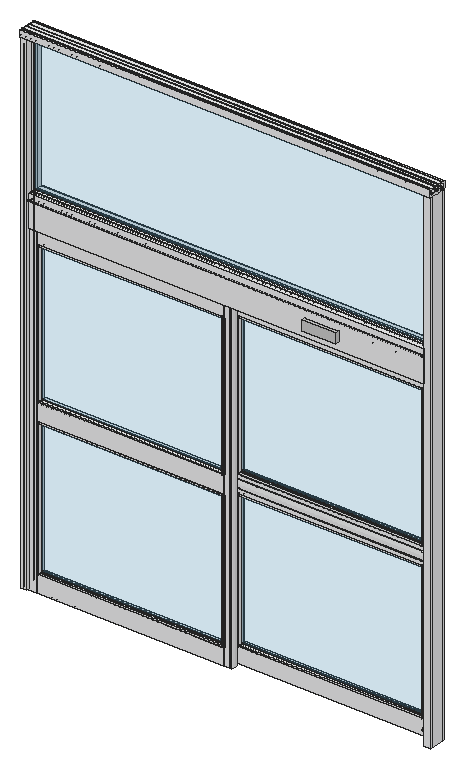
Revit family "2-5-7_Sliding-Door_TX9200SL_Single-RH-Outside-Slide-w-Transom-SX-O-w-Elec-Lock-Flush-Mnt-Exit-Panic-HW_Tormax", category Doors, host Wall, Revit 2026
Family settings
  Host = Wall
  Classification Number = 23.30.10.00
  Always vertical = Yes
  Cut with Voids When Loaded = No
  Shared = No
  Room Calculation Point = No
Parameters (values of type "9'-0" Package Width")
  Width = 9' - 0"
  URL = "https://www.tormaxusa.com"
  Thickness = 0' - 4 1/2"  # constant formula
  Specification = "https://www.arcat.com/company/tormax-usa-inc-43969/spec"
  Rough Width = Width + 0' 0 1/2"  # 9' - 0 1/2"
  Rough Height = Height + 0' 0 1/4"  # 11' - 0 1/4"
  Product Page URL = "https://www.arcat.com/arcatcos/cos43/arc43969.html"
  Model = "TX9200SL"
  Manufacturer = "Tormax"
  Keynote = "08 42 29"
  Height = 11' - 0"  # constant formula
  Glass = Glass - Tormax
  Frame Projection Ext. = 0' - 0"
  Frame Projection Int. = 0' - 0"
  Frame Width = 0' - 0"
  Wall Closure = By host
  Door Width = Width / 2 - 0' 1 3/4" + 0' 1 5/16"  # 4' - 5 9/16"
  Door Height = Height  # 11' - 0"
  Frame Material = Aluminum - Tormax
  Description = "Single RH Outside Slide Application w/ Transom (SX-O) w/ Electric Lock & Flush Mount Exit Panic HW, 9'-0\" Package Width"
  Define Thermal Properties by = Schematic Type
  Copyright = "ARCAT"
  CAD Details = "https://www.arcat.com/company/tormax-usa-inc-43969/cad"
  Analytic Construction = "<None>"
Reference planes (in)
  plane 1 "Center (Front/Back)": y = 0
  plane 2 "Center (Left/Right)": x = 0
  plane 3 "Left": x = -54.25
  plane 4 "Right": x = 54.25
  plane 5 "Top": z = 132.25
  plane 6 "Exterior": y = 3
  plane 7 "Interior": y = -3
  plane 8: x = -1.3125
  plane 9: x = 1.3125
  plane 10: y = -2.25
  plane 11 "4": z = 85.5
  plane 12: x = -54
  plane 13: x = 54
  plane 14: z = 132
  plane 15: y = 2.25
  plane 16: x = -52.24908
  plane 17: x = 52.24908
  plane 18: y = 1.433
  plane 19: y = -0.84
  plane 20: x = 25.46829
  plane 21: z = 92
  plane 22: z = 130.1875
Forms (in)
  Extrusion 1, solid, material "Plastic - Tormax - Grey"
    sketch origin (0, 0, 0) x (1, 0, 0) y (0, 0, 1)
      loop
        line (20.96829, 90.055) -> (20.96829, 87.445) -> (29.96829, 87.445) -> (29.96829, 90.055) -> (20.96829, 90.055)
    from 2.23457 to 3.23457
  Extrusion 2, solid, material "Plastic - Tormax - Grey"
    sketch origin (0, 0, 0) x (1, 0, 0) y (0, 0, 1)
      loop
        line (20.96829, 90.055) -> (20.96829, 87.445) -> (29.96829, 87.445) -> (29.96829, 90.055) -> (20.96829, 90.055)
    from -3.23036 to -2.23036
  Sweep 3, solid, material "Aluminum - Tormax" <- "Frame Material"
    path origin (0, 0, 0) x (1, 0, 0) y (0, 0, 1)
      loop
        line (-52.24908, 85.5) -> (52.24908, 85.5)
    profile origin (0, 0, 85.5) x (0, 0, 1) y (0, -1, 0)
      loop
        line (5.77619, -2.07466) -> (5.99221, -2.07466) -> (5.99221, -1.99751) -> (5.93513, -1.99751)
        arc (5.93513, -1.99751) -> (5.89217, -1.97971) -> (5.87438, -1.93675) r 0.06075
        line (5.87438, -1.93675) -> (5.87438, -1.35631) -> (6.14932, -1.35631) -> (6.14932, -1.4827) -> (6.22817, -1.4827)
        arc (6.22817, -1.4827) -> (6.39719, -1.79317) -> (6.34244, -2.14241) r 0.55026
        line (6.34244, -2.14241) -> (6.29099, -2.1562) -> (6.29099, -1.87738) -> (5.93246, -1.87738)
        arc (5.93246, -1.87738) -> (5.88314, -1.9267) -> (5.93246, -1.97602) r 0.04932
        line (5.93246, -1.97602) -> (6.03008, -1.97602) -> (6.03008, -2.10552) -> (0.40539, -2.10552) -> (0.40539, -1.68048) -> (0.28141, -1.68048) -> (0.28141, -2.23036) -> (6.5, -2.23036) -> (6.5, 1.72592) -> (6.37515, 1.85076) -> (6.37515, 2.08622)
        arc (6.37515, 2.08622) -> (6.39129, 2.10725) -> (6.41577, 2.09711) r 0.02177
        line (6.41577, 2.09711) -> (6.47243, 1.99896)
        arc (6.47243, 1.99896) -> (6.48905, 1.99208) -> (6.5, 2.00635) r 0.01477
        line (6.5, 2.00635) -> (6.5, 2.23457) -> (0, 2.23457) -> (0, -0.04489) -> (-0.21462, -0.04489) -> (-0.21462, -0.08837) -> (-0.15431, -0.08837) -> (-0.15431, -0.15851) -> (-0.48395, -0.15851) -> (-0.48395, -0.08837) -> (-0.42504, -0.08837) -> (-0.42504, -0.04489) -> (-0.62422, -0.04489) -> (-0.62422, -0.45028) -> (-0.42504, -0.45028) -> (-0.42504, -0.4068) -> (-0.48395, -0.4068) -> (-0.48395, -0.33666) -> (-0.15431, -0.33666) -> (-0.15431, -0.4068) -> (-0.21462, -0.4068) -> (-0.21462, -0.45028) -> (-0.01964, -0.45028) -> (-0.01964, -0.28897) -> (0.23145, -0.28897) -> (0.23145, -0.84785) -> (0.34867, -1.03258)
        arc (0.34867, -1.03258) -> (0.36443, -1.03854) -> (0.37455, -1.02507) r 0.01403
        line (0.37455, -1.02507) -> (0.37455, -0.21669)
        arc (0.37455, -0.21669) -> (0.40392, -0.14579) -> (0.47481, -0.11643) r 0.10026
        line (0.47481, -0.11643) -> (0.59196, -0.11643) -> (0.59196, -0.23145) -> (0.89635, -0.23145) -> (0.89635, -0.1529) -> (0.76309, -0.1529) -> (0.76309, -0.01262) -> (0.8697, -0.01262) -> (0.8697, 0.06867) -> (1.19934, 0.06867) -> (1.19934, -0.01262) -> (1.30595, -0.01262) -> (1.30595, -0.1529) -> (1.17269, -0.1529) -> (1.17269, -0.23145) -> (1.36206, -0.23145) -> (1.43332, -0.07864)
        arc (1.43332, -0.07864) -> (1.6158, 0.06179) -> (1.83569, -0.00654) r 0.25
        line (1.83569, -0.00654) -> (1.96422, -0.13365)
        arc (1.96422, -0.13365) -> (1.99627, -0.15695) -> (2.0338, -0.16963) r 0.13141
        line (2.0338, -0.16963) -> (2.11423, -0.18382)
        arc (2.11423, -0.18382) -> (2.2005, -0.23362) -> (2.23457, -0.32723) r 0.14562
        line (2.23457, -0.32723) -> (2.23457, -0.9202) -> (2.38466, -0.9202) -> (2.38466, 0.06733) -> (2.28156, 0.17043) -> (2.22615, 0.11502) -> (2.32086, 0.02032) -> (2.22127, -0.07928) -> (2.14619, -0.00421) -> (2.08868, -0.06172) -> (1.85512, 0.17184) -> (1.91264, 0.22935) -> (1.83689, 0.3051) -> (1.93648, 0.40469) -> (2.03117, 0.31001) -> (2.08658, 0.36541) -> (1.83128, 0.62071) -> (1.9456, 0.73504) -> (1.9456, 1.35354) -> (1.75483, 1.53331) -> (1.75483, 2.06344) -> (5.84651, 2.06344)
        arc (5.84651, 2.06344) -> (5.93664, 2.02611) -> (5.97397, 1.93598) r 0.12746
        line (5.97397, 1.93598) -> (5.97397, 1.7394) -> (6.05393, 1.7394) -> (6.05393, 1.87407) -> (6.1928, 1.87407) -> (6.1928, 1.76475) -> (6.24189, 1.76475) -> (6.24189, 1.43623) -> (6.1928, 1.43623) -> (6.1928, 1.3298) -> (6.05393, 1.3298) -> (6.05393, 1.46306) -> (5.97397, 1.46306) -> (5.97397, 1.25125) -> (6.27276, 1.25125) -> (6.27276, 1.32981)
        arc (6.27276, 1.32981) -> (6.30151, 1.35856) -> (6.33027, 1.32981) r 0.02876
        line (6.33027, 1.32981) -> (6.33027, 0.99434)
        arc (6.33027, 0.99434) -> (6.30151, 0.96559) -> (6.27276, 0.99434) r 0.02876
        line (6.27276, 0.99434) -> (6.27276, 1.0731) -> (5.97397, 1.0731) -> (5.97397, 0.85988) -> (6.05393, 0.85988) -> (6.05393, 0.99314) -> (6.1928, 0.99314) -> (6.1928, 0.88653) -> (6.33027, 0.88653) -> (6.33027, 0.55689) -> (6.1928, 0.55689) -> (6.1928, 0.45028) -> (6.05393, 0.45028) -> (6.05393, 0.58354) -> (5.97397, 0.58354) -> (5.97397, 0.37032) -> (6.27276, 0.37032) -> (6.27276, 0.44908)
        arc (6.27276, 0.44908) -> (6.30151, 0.47783) -> (6.33027, 0.44908) r 0.02876
        line (6.33027, 0.44908) -> (6.33027, 0.11503)
        arc (6.33027, 0.11503) -> (6.30151, 0.08627) -> (6.27276, 0.11503) r 0.02876
        line (6.27276, 0.11503) -> (6.27276, 0.19378) -> (5.97397, 0.19378) -> (5.97397, -0.01944) -> (6.05393, -0.01944) -> (6.05393, 0.11382) -> (6.1928, 0.11382) -> (6.1928, 0.00721) -> (6.33027, 0.00721) -> (6.33027, -0.32403) -> (6.1928, -0.32403) -> (6.1928, -0.42995) -> (6.05393, -0.42995) -> (6.05393, -0.29669) -> (5.97397, -0.29669) -> (5.97397, -0.53164) -> (6.03429, -0.53164) -> (6.03429, -0.64246) -> (6.11284, -0.64246) -> (6.11284, -0.53164) -> (6.25171, -0.53164) -> (6.25171, -1.15867) -> (6.06795, -1.15867) -> (6.03942, -1.11939) -> (5.97397, -1.11939) -> (5.97397, -1.1664)
        arc (5.97397, -1.1664) -> (5.95775, -1.20557) -> (5.91858, -1.22179) r 0.05539
        line (5.91858, -1.22179) -> (5.77619, -1.22179) -> (5.77619, -2.07466)
      loop
        line (0.07995, 1.86565) -> (0.07995, 0.39978) -> (0.26091, 0.39978) -> (0.26091, 0.28335) -> (0.3058, 0.2539) -> (0.3058, 0.03421) -> (0.47711, 0.03365) -> (0.7408, 0.21838) -> (1.4982, 0.21838) -> (1.69036, 0.25479) -> (1.69036, 0.66367) -> (1.33962, 0.66367) -> (1.33962, 0.89776) -> (1.41957, 0.89776) -> (1.41957, 0.76309) -> (1.55985, 0.76309) -> (1.55985, 0.8711) -> (1.75062, 0.8711) -> (1.75062, 1.20075) -> (1.55985, 1.20075) -> (1.55985, 1.30735) -> (1.41957, 1.30735) -> (1.41957, 1.17409) -> (1.33962, 1.17409) -> (1.33962, 1.38773) -> (1.5851, 1.38773) -> (1.5851, 2.06344) -> (0.30619, 2.06344) -> (0.30619, 1.97106) -> (0.26091, 1.94734) -> (0.26091, 1.86565) -> (0.07995, 1.86565)
      loop
        line (0, -2.10973) -> (0, -1.55985) -> (2.37204, -1.55985)
        arc (2.37204, -1.55985) -> (2.41952, -1.67959) -> (2.53701, -1.73239) r 0.17128
        line (2.53701, -1.73239) -> (2.78024, -1.73239) -> (2.78024, -1.49813) -> (2.70028, -1.49813) -> (2.70028, -1.63279) -> (2.56141, -1.63279) -> (2.56141, -1.52478) -> (2.46883, -1.52478) -> (2.46883, -1.19514) -> (2.56141, -1.19514) -> (2.56141, -1.08853) -> (2.70028, -1.08853) -> (2.70028, -1.22179) -> (2.78024, -1.22179) -> (2.78024, -0.98753) -> (2.53714, -0.98753)
        arc (2.53714, -0.98753) -> (2.41956, -1.04028) -> (2.37204, -1.16007) r 0.17128
        line (2.37204, -1.16007) -> (0, -1.16007) -> (0, -0.61019) -> (-0.98473, -0.61019) -> (-0.98473, -1.53213)
        arc (-0.98473, -1.53213) -> (-0.9181, -1.59876) -> (-0.85147, -1.53213) r 0.06663
        line (-0.85147, -1.53213) -> (-0.85147, -1.2004)
        arc (-0.85147, -1.2004) -> (-0.77362, -1.12255) -> (-0.69577, -1.2004) r 0.07785
        line (-0.69577, -1.2004) -> (-0.69577, -1.68329) -> (-0.67052, -1.92596) -> (-0.67052, -2.10973) -> (0, -2.10973)
  Sweep 4, solid, material "Aluminum - Tormax" <- "Frame Material"
    path origin (0, 0, 0) x (1, 0, 0) y (0, 0, 1)
      loop
        line (-54, 130.1875) -> (-54, 0)
    profile origin (-54, 0, 65.09375) x (0, -1, 0) y (1, 0, 0)
      loop
        line (-2.25, 0) -> (-1.81515, 0) -> (-1.81515, 0.11322) -> (-1.69933, 0.11322)
        arc (-1.69933, 0.11322) -> (-1.69067, 0.15137) -> (-1.70596, 0.18738) r 0.06366
        line (-1.70596, 0.18738) -> (-1.81808, 0.18738)
        arc (-1.81808, 0.18738) -> (-1.86945, 0.1699) -> (-1.89951, 0.12472) r 0.08425
        line (-1.89951, 0.12472) -> (-2.12383, 0.12472) -> (-2.12383, 1.62444) -> (-1.01125, 1.62444)
        arc (-1.01125, 1.62444) -> (-0.97854, 1.4893) -> (-0.88136, 1.38986) r 0.2623
        line (-0.88136, 1.38986) -> (-0.88136, 0.87481)
        arc (-0.88136, 0.87481) -> (-0.81729, 0.72014) -> (-0.66261, 0.65607) r 0.21875
        line (-0.66261, 0.65607) -> (0.66817, 0.65607)
        arc (0.66817, 0.65607) -> (0.82039, 0.71912) -> (0.88344, 0.87134) r 0.21527
        line (0.88344, 0.87134) -> (0.88344, 1.39109)
        arc (0.88344, 1.39109) -> (0.97912, 1.49036) -> (1.01125, 1.62444) r 0.2623
        line (1.01125, 1.62444) -> (2.12383, 1.62444) -> (2.12383, 0.12472) -> (1.89951, 0.12472)
        arc (1.89951, 0.12472) -> (1.86945, 0.1699) -> (1.81808, 0.18738) r 0.08425
        line (1.81808, 0.18738) -> (1.71377, 0.18738)
        arc (1.71377, 0.18738) -> (1.69848, 0.15137) -> (1.70714, 0.11322) r 0.06366
        line (1.70714, 0.11322) -> (1.80734, 0.11322) -> (1.80734, 0) -> (2.25, 0) -> (2.25, 1.75092) -> (0.85905, 1.75092) -> (0.85905, 1.49159) -> (0.72205, 1.49159) -> (0.72205, 1.6564) -> (0.66591, 1.6564) -> (0.66591, 1.42631) -> (0.75855, 1.42631) -> (0.75855, 0.87892)
        arc (0.75855, 0.87892) -> (0.72992, 0.80981) -> (0.6608, 0.78118) r 0.09775
        line (0.6608, 0.78118) -> (-0.65544, 0.78118)
        arc (-0.65544, 0.78118) -> (-0.72688, 0.81077) -> (-0.75647, 0.88221) r 0.10104
        line (-0.75647, 0.88221) -> (-0.75647, 1.42631) -> (-0.65809, 1.42631) -> (-0.65809, 1.65835) -> (-0.72205, 1.65835) -> (-0.72205, 1.49159) -> (-0.85868, 1.49159) -> (-0.85868, 1.75092) -> (-2.25, 1.75092) -> (-2.25, 0)
      loop
        line (-1.77192, 0) -> (1.76565, 0) -> (1.76565, 0.07235) -> (1.60504, 0.07235) -> (1.60504, 0.18932) -> (1.6607, 0.18932) -> (1.59241, 0.37695)
        arc (1.59241, 0.37695) -> (1.54664, 0.39829) -> (1.52529, 0.35252) r 0.03571
        line (1.52529, 0.35252) -> (1.57291, 0.22167) -> (1.53738, 0.20277) -> (1.53738, 0.07235) -> (0.63819, 0.07235) -> (0.63819, 0.55414) -> (0.55418, 0.55414) -> (0.55418, 0.07235) -> (-1.53738, 0.07235) -> (-1.53738, 0.20277) -> (-1.57291, 0.22167) -> (-1.52529, 0.35252)
        arc (-1.52529, 0.35252) -> (-1.54664, 0.39829) -> (-1.59241, 0.37695) r 0.03571
        line (-1.59241, 0.37695) -> (-1.6607, 0.18932) -> (-1.60504, 0.18932) -> (-1.60504, 0.07235) -> (-1.77192, 0.07235) -> (-1.77192, 0)
      loop
        line (-2.25, 108) -> (-2.25, 106.24908) -> (-0.85868, 106.24908) -> (-0.85868, 106.50841) -> (-0.72205, 106.50841) -> (-0.72205, 106.34165) -> (-0.65809, 106.34165) -> (-0.65809, 106.57369) -> (-0.75647, 106.57369) -> (-0.75647, 107.11779)
        arc (-0.75647, 107.11779) -> (-0.72688, 107.18923) -> (-0.65544, 107.21882) r 0.10104
        line (-0.65544, 107.21882) -> (0.6608, 107.21882)
        arc (0.6608, 107.21882) -> (0.72992, 107.19019) -> (0.75855, 107.12108) r 0.09775
        line (0.75855, 107.12108) -> (0.75855, 106.57369) -> (0.66591, 106.57369) -> (0.66591, 106.3436) -> (0.72205, 106.3436) -> (0.72205, 106.50841) -> (0.85905, 106.50841) -> (0.85905, 106.24908) -> (2.25, 106.24908) -> (2.25, 108) -> (1.80734, 108) -> (1.80734, 107.88678) -> (1.70714, 107.88678)
        arc (1.70714, 107.88678) -> (1.69848, 107.84863) -> (1.71377, 107.81262) r 0.06366
        line (1.71377, 107.81262) -> (1.81808, 107.81262)
        arc (1.81808, 107.81262) -> (1.86945, 107.8301) -> (1.89951, 107.87528) r 0.08425
        line (1.89951, 107.87528) -> (2.12383, 107.87528) -> (2.12383, 106.37556) -> (1.01125, 106.37556)
        arc (1.01125, 106.37556) -> (0.97912, 106.50964) -> (0.88344, 106.60891) r 0.2623
        line (0.88344, 106.60891) -> (0.88344, 107.12866)
        arc (0.88344, 107.12866) -> (0.82039, 107.28088) -> (0.66817, 107.34393) r 0.21527
        line (0.66817, 107.34393) -> (-0.66261, 107.34393)
        arc (-0.66261, 107.34393) -> (-0.81729, 107.27986) -> (-0.88136, 107.12519) r 0.21875
        line (-0.88136, 107.12519) -> (-0.88136, 106.61014)
        arc (-0.88136, 106.61014) -> (-0.97854, 106.5107) -> (-1.01125, 106.37556) r 0.2623
        line (-1.01125, 106.37556) -> (-2.12383, 106.37556) -> (-2.12383, 107.87528) -> (-1.89951, 107.87528)
        arc (-1.89951, 107.87528) -> (-1.86945, 107.8301) -> (-1.81808, 107.81262) r 0.08425
        line (-1.81808, 107.81262) -> (-1.70596, 107.81262)
        arc (-1.70596, 107.81262) -> (-1.69067, 107.84863) -> (-1.69933, 107.88678) r 0.06366
        line (-1.69933, 107.88678) -> (-1.81515, 107.88678) -> (-1.81515, 108) -> (-2.25, 108)
      loop
        line (-1.77192, 108) -> (-1.77192, 107.92765) -> (-1.60504, 107.92765) -> (-1.60504, 107.81068) -> (-1.6607, 107.81068) -> (-1.59241, 107.62305)
        arc (-1.59241, 107.62305) -> (-1.54664, 107.60171) -> (-1.52529, 107.64748) r 0.03571
        line (-1.52529, 107.64748) -> (-1.57291, 107.77833) -> (-1.53738, 107.79723) -> (-1.53738, 107.92765) -> (0.55418, 107.92765) -> (0.55418, 107.44586) -> (0.63819, 107.44586) -> (0.63819, 107.92765) -> (1.53738, 107.92765) -> (1.53738, 107.79723) -> (1.57291, 107.77833) -> (1.52529, 107.64748)
        arc (1.52529, 107.64748) -> (1.54664, 107.60171) -> (1.59241, 107.62305) r 0.03571
        line (1.59241, 107.62305) -> (1.6607, 107.81068) -> (1.60504, 107.81068) -> (1.60504, 107.92765) -> (1.76565, 107.92765) -> (1.76565, 108) -> (-1.77192, 108)
  Sweep 5, solid, material "Aluminum - Tormax" <- "Frame Material"
    path origin (0, 0, 0) x (-1, 0, 0) y (0, 0, -1)
      loop
        line (-54, -92) -> (-54, 0)
    profile origin (54, 0, 46) x (0, -1, 0) y (1, 0, 0)
      loop
        line (-0.57123, -1.42631) -> (-0.57123, -1.69246) -> (-0.72205, -1.69246) -> (-0.72205, -1.75092) -> (0.72205, -1.75092) -> (0.72205, -1.69246) -> (0.57123, -1.69246) -> (0.57123, -1.42631) -> (0.50727, -1.42631) -> (0.50727, -1.69246) -> (-0.50727, -1.69246) -> (-0.50727, -1.42631) -> (-0.57123, -1.42631)
      loop
        line (-0.57123, -106.57369) -> (-0.50727, -106.57369) -> (-0.50727, -106.30754) -> (0.50727, -106.30754) -> (0.50727, -106.57369) -> (0.57123, -106.57369) -> (0.57123, -106.30754) -> (0.72205, -106.30754) -> (0.72205, -106.24908) -> (-0.72205, -106.24908) -> (-0.72205, -106.30754) -> (-0.57123, -106.30754) -> (-0.57123, -106.57369)
  Sweep 6, solid, material "Aluminum - Tormax" <- "Frame Material"
    path origin (0, 0, 0) x (1, 0, 0) y (0, 0, 1)
      loop
        line (-52.24908, 85.5) -> (52.24908, 85.5)
    profile origin (0, 0, 85.5) x (0, 0, 1) y (0, -1, 0)
      loop
        line (6.5, 2.23457) -> (6.5, 2.00635)
        arc (6.5, 2.00635) -> (6.48905, 1.99208) -> (6.47243, 1.99896) r 0.01477
        line (6.47243, 1.99896) -> (6.41577, 2.09711)
        arc (6.41577, 2.09711) -> (6.39129, 2.10725) -> (6.37515, 2.08622) r 0.02177
        line (6.37515, 2.08622) -> (6.37515, 1.93279) -> (6.5, 1.80795) -> (6.5, -2.23457) -> (8.25016, -2.23457) -> (8.25016, -0.91) -> (8.28253, -0.89192) -> (8.38177, -0.13464) -> (8.42963, -0.06635)
        arc (8.42963, -0.06635) -> (8.4235, -0.03153) -> (8.38868, -0.03765) r 0.025
        line (8.38868, -0.03765) -> (8.27631, -0.198) -> (8.01611, -0.198) -> (8.11017, -0.10524)
        arc (8.11017, -0.10524) -> (8.11036, -0.07696) -> (8.08208, -0.07676) r 0.02
        line (8.08208, -0.07676) -> (7.98196, -0.1755) -> (7.93041, -0.4768) -> (7.80443, -0.5574) -> (7.84777, -0.70193)
        arc (7.84777, -0.70193) -> (7.88086, -0.723) -> (7.9065, -0.69331) r 0.03
        line (7.9065, -0.69331) -> (7.9065, -0.6575) -> (7.94166, -0.6575) -> (7.94166, -0.75425) -> (7.37471, -1.29239) -> (7.37471, -1.04856) -> (7.04734, -1.04856) -> (7.04734, -0.56198) -> (7.37563, -0.56198) -> (7.37563, 0.7666) -> (7.94166, 0.7666) -> (7.94166, 0.6575) -> (7.9065, 0.6575) -> (7.9065, 0.69331)
        arc (7.9065, 0.69331) -> (7.88086, 0.723) -> (7.84777, 0.70193) r 0.03
        line (7.84777, 0.70193) -> (7.80443, 0.5574) -> (7.93041, 0.4768) -> (7.98196, 0.1755) -> (8.08208, 0.07676)
        arc (8.08208, 0.07676) -> (8.11036, 0.07696) -> (8.11017, 0.10524) r 0.02
        line (8.11017, 0.10524) -> (8.01611, 0.198) -> (8.27631, 0.198) -> (8.38868, 0.03765)
        arc (8.38868, 0.03765) -> (8.4235, 0.03153) -> (8.42963, 0.06635) r 0.025
        line (8.42963, 0.06635) -> (8.38177, 0.13464) -> (8.28253, 0.89192) -> (8.25016, 0.91) -> (8.25016, 2.23457) -> (6.5, 2.23457)
      loop
        line (8.12516, 0.98853) -> (8.12516, 2.10957) -> (6.625, 2.10957) -> (6.625, 0.89208) -> (7.91768, 0.89208) -> (8.01405, 0.98853) -> (8.12516, 0.98853)
      loop
        line (7.25063, 0.7666) -> (6.625, 0.7666) -> (6.625, -0.43698) -> (7.25063, -0.43698) -> (7.25063, 0.7666)
      loop
        line (6.625, -2.10957) -> (7.09364, -2.10957) -> (7.09364, -1.39649) -> (6.92148, -1.39649) -> (6.92148, -0.56198) -> (6.625, -0.56198) -> (6.625, -2.10957)
      loop
        line (7.21864, -2.17246) -> (8.20004, -2.17246) -> (8.20004, -0.91763) -> (8.05686, -0.91763) -> (7.95226, -0.81302) -> (7.41137, -1.32644) -> (7.21864, -1.32644) -> (7.21864, -2.17246)
  Extrusion 7, solid, material "Glass - Tormax" <- "Glass"
    sketch origin (23.20157, -2.34162, 0.125) x (-0.819152, -0.573576, 0) y (0.573576, -0.819152, 0)
      loop
        line (60.54435, -45.4048) -> (60.68774, -45.20001) -> (-25.21932, 14.95276) -> (-25.36271, 14.74797) -> (60.54435, -45.4048)
    from 93.43766 to 130.25
  Sweep 8, solid, material "Aluminum - Tormax" <- "Frame Material"
    path origin (0, 0, 0) x (1, 0, 0) y (0, 0, 1)
      loop
        line (54, 92) -> (54, 130.1875)
    profile origin (54, 0, 111.09375) x (-1, 0, 0) y (0, -1, 0)
      loop
        line (106.24908, -0.91) -> (106.24908, -0.6575) -> (106.59273, -0.6575) -> (106.59273, -0.69331)
        arc (106.59273, -0.69331) -> (106.61838, -0.723) -> (106.65147, -0.70193) r 0.03
        line (106.65147, -0.70193) -> (106.6948, -0.5574) -> (106.56882, -0.4768) -> (106.51727, -0.1755) -> (106.41715, -0.07676)
        arc (106.41715, -0.07676) -> (106.38887, -0.07696) -> (106.38907, -0.10524) r 0.02
        line (106.38907, -0.10524) -> (106.48313, -0.198) -> (106.22292, -0.198) -> (106.11055, -0.03765)
        arc (106.11055, -0.03765) -> (106.07573, -0.03153) -> (106.06961, -0.06635) r 0.025
        line (106.06961, -0.06635) -> (106.11746, -0.13464) -> (106.21671, -0.89192) -> (106.24908, -0.91)
      loop
        line (106.24908, 0.6575) -> (106.24908, 0.91) -> (106.21671, 0.89192) -> (106.11746, 0.13464) -> (106.06961, 0.06635)
        arc (106.06961, 0.06635) -> (106.07573, 0.03153) -> (106.11055, 0.03765) r 0.025
        line (106.11055, 0.03765) -> (106.22292, 0.198) -> (106.48313, 0.198) -> (106.38907, 0.10524)
        arc (106.38907, 0.10524) -> (106.38887, 0.07696) -> (106.41715, 0.07676) r 0.02
        line (106.41715, 0.07676) -> (106.51727, 0.1755) -> (106.56882, 0.4768) -> (106.6948, 0.5574) -> (106.65147, 0.70193)
        arc (106.65147, 0.70193) -> (106.61838, 0.723) -> (106.59273, 0.69331) r 0.03
        line (106.59273, 0.69331) -> (106.59273, 0.6575) -> (106.24908, 0.6575)
      loop
        line (1.75092, -0.91) -> (1.78329, -0.89192) -> (1.88254, -0.13464) -> (1.93039, -0.06635)
        arc (1.93039, -0.06635) -> (1.92427, -0.03153) -> (1.88945, -0.03765) r 0.025
        line (1.88945, -0.03765) -> (1.77708, -0.198) -> (1.51687, -0.198) -> (1.61093, -0.10524)
        arc (1.61093, -0.10524) -> (1.61113, -0.07696) -> (1.58285, -0.07676) r 0.02
        line (1.58285, -0.07676) -> (1.48273, -0.1755) -> (1.43118, -0.4768) -> (1.3052, -0.5574) -> (1.34853, -0.70193)
        arc (1.34853, -0.70193) -> (1.38162, -0.723) -> (1.40727, -0.69331) r 0.03
        line (1.40727, -0.69331) -> (1.40727, -0.6575) -> (1.75092, -0.6575) -> (1.75092, -0.91)
      loop
        line (1.75092, 0.6575) -> (1.40727, 0.6575) -> (1.40727, 0.69331)
        arc (1.40727, 0.69331) -> (1.38162, 0.723) -> (1.34853, 0.70193) r 0.03
        line (1.34853, 0.70193) -> (1.3052, 0.5574) -> (1.43118, 0.4768) -> (1.48273, 0.1755) -> (1.58285, 0.07676)
        arc (1.58285, 0.07676) -> (1.61113, 0.07696) -> (1.61093, 0.10524) r 0.02
        line (1.61093, 0.10524) -> (1.51687, 0.198) -> (1.77708, 0.198) -> (1.88945, 0.03765)
        arc (1.88945, 0.03765) -> (1.92427, 0.03153) -> (1.93039, 0.06635) r 0.025
        line (1.93039, 0.06635) -> (1.88254, 0.13464) -> (1.78329, 0.89192) -> (1.75092, 0.91) -> (1.75092, 0.6575)
  Sweep 9, solid, material "Aluminum - Tormax" <- "Frame Material"
    path origin (0, 0, 0) x (1, 0, 0) y (0, 0, 1)
      loop
        line (-54, 85.5) -> (54, 85.5)
    profile origin (0, 0, 85.5) x (0, 0, 1) y (0, -1, 0)
      loop
        line (46.42, -2.47) -> (46.42, -1.97) -> (46.5, -1.97) -> (46.5, -1.89) -> (46.42, -1.89) -> (46.42, -0.58) -> (46.5, -0.58) -> (46.5, -0.5) -> (46.42, -0.5) -> (46.42, 0.5) -> (46.5, 0.5) -> (46.5, 0.58) -> (46.42, 0.58) -> (46.42, 1.89) -> (46.5, 1.89) -> (46.5, 1.97) -> (46.42, 1.97) -> (46.42, 2.47) -> (44.6875, 2.47) -> (44.6875, 0.91) -> (44.65513, 0.89192) -> (44.55589, 0.13464) -> (44.50803, 0.06635)
        arc (44.50803, 0.06635) -> (44.51415, 0.03153) -> (44.54897, 0.03765) r 0.025
        line (44.54897, 0.03765) -> (44.66134, 0.198) -> (44.92155, 0.198) -> (44.82749, 0.10524)
        arc (44.82749, 0.10524) -> (44.82729, 0.07696) -> (44.85558, 0.07676) r 0.02
        line (44.85558, 0.07676) -> (44.95569, 0.1755) -> (45.00724, 0.4768) -> (45.13323, 0.5574) -> (45.08989, 0.70193)
        arc (45.08989, 0.70193) -> (45.0568, 0.723) -> (45.03115, 0.69331) r 0.03
        line (45.03115, 0.69331) -> (45.03115, 0.6575) -> (44.996, 0.6575) -> (44.996, 0.75751) -> (45.715, 0.75751) -> (45.715, -0.75751) -> (44.996, -0.75751) -> (44.996, -0.6575) -> (45.03115, -0.6575) -> (45.03115, -0.69331)
        arc (45.03115, -0.69331) -> (45.0568, -0.723) -> (45.08989, -0.70193) r 0.03
        line (45.08989, -0.70193) -> (45.13323, -0.5574) -> (45.00724, -0.4768) -> (44.95569, -0.1755) -> (44.85558, -0.07676)
        arc (44.85558, -0.07676) -> (44.82729, -0.07696) -> (44.82749, -0.10524) r 0.02
        line (44.82749, -0.10524) -> (44.92155, -0.198) -> (44.66134, -0.198) -> (44.54897, -0.03765)
        arc (44.54897, -0.03765) -> (44.51415, -0.03153) -> (44.50803, -0.06635) r 0.025
        line (44.50803, -0.06635) -> (44.55589, -0.13464) -> (44.65513, -0.89192) -> (44.6875, -0.91) -> (44.6875, -2.47) -> (46.42, -2.47)
      loop
        line (44.9375, -2.345) -> (46.295, -2.345) -> (46.295, 2.345) -> (44.9375, 2.345) -> (44.9375, 2.25) -> (44.81793, 2.25) -> (45.0705, 2.15805)
        arc (45.0705, 2.15805) -> (45.09142, 2.11319) -> (45.04656, 2.09227) r 0.035
        line (45.04656, 2.09227) -> (44.9318, 2.13309) -> (44.7675, 2.13309) -> (44.7675, 0.93545) -> (44.90522, 0.93545) -> (45.00308, 0.83751) -> (45.795, 0.83751) -> (45.795, -0.83751) -> (45.00308, -0.83751) -> (44.90522, -0.93545) -> (44.7675, -0.93545) -> (44.7675, -2.13309) -> (44.9318, -2.13309) -> (45.04656, -2.09227)
        arc (45.04656, -2.09227) -> (45.09142, -2.11319) -> (45.0705, -2.15805) r 0.035
        line (45.0705, -2.15805) -> (44.81793, -2.25) -> (44.9375, -2.25) -> (44.9375, -2.345)
Lines and regions (in)
  Opening 1
    outline origin (-90, -3, 0) x (1, 0, 0) y (0, 0, 1)
      loop
        line (35.75, 0) -> (144.25, 0) -> (144.25, 132.25) -> (35.75, 132.25) -> (35.75, 0)
  symbolic lines
    curve 1: line (22.46829, 6.25114, 0) -> (23.76733, 7.00114, 0)
    curve 2: line (22.46829, 6.25114, 0) -> (23.76733, 5.50114, 0)
    curve 5: line (22.46829, 6.25114, 0) -> (25.46829, 6.25114, 0)
    curve 6: line (25.46829, 6.25114, 0) -> (28.46829, 6.25114, 0)
    curve 9: line (22.46829, 0, 48.75) -> (23.76733, 0, 49.5)
    curve 10: line (22.46829, 0, 48.75) -> (23.76733, 0, 48)
    curve 11: line (22.46829, 0, 48.75) -> (25.46829, 0, 48.75)
    curve 12: line (25.46829, 0, 48.75) -> (28.46829, 0, 48.75)
    curve 17: arc (-54.25, 2.25, 0) -> (-54.125, 2.20201, 0) -> (-54, 2.25, 0) r 0.1868
    curve 18: arc (-54.25, -2.25, 0) -> (-54.125, -2.20201, 0) -> (-54, -2.25, 0) r 0.1868
    curve 19: arc (54.25, 2.25, 0) -> (54.125, 2.20201, 0) -> (54, 2.25, 0) r 0.1868
    curve 20: arc (54.25, -2.25, 0) -> (54.125, -2.20201, 0) -> (54, -2.25, 0) r 0.1868
    curve 21: arc (0, -2.25, 132.25) -> (0, -2.20222, 132.125) -> (0, -2.25, 132) r 0.18739
    curve 22: arc (0, 2.25, 132.25) -> (0, 2.20222, 132.125) -> (0, 2.25, 132) r 0.18739
  symbolic lines, not visible
    curve 3: line (-27.55636, -4.55425, 0) -> (-26.25733, -3.80425, 0)
    curve 4: line (-27.55636, -4.55425, 0) -> (-26.25733, -5.30425, 0)
    curve 7: line (-27.55636, -4.55425, 0) -> (-24.55636, -4.55425, 0)
    curve 8: line (-24.55636, -4.55425, 0) -> (-21.55636, -4.55425, 0)
    curve 13: line (22.54055, 0, 51.7829) -> (23.83959, 0, 52.5329)
    curve 14: line (22.54055, 0, 51.7829) -> (23.83959, 0, 51.0329)
    curve 15: line (22.54055, 0, 51.7829) -> (25.54055, 0, 51.7829)
    curve 16: line (25.54055, 0, 51.7829) -> (28.54055, 0, 51.7829)
Text (in)
  text "Exterior" at (-113.21489, 18.10183, 0), in view "Ref. Level"
  text "Interior" at (-113.21489, -11.36704, 0), in view "Ref. Level"
  text "Exterior" at (0, 40.15149, 123.01588), in view "Right"
  text "Interior" at (0, -64.39139, 123.01588), in view "Right"
  text "Interior" at (0, -31.01599, 123.00693), in view "Left"
  text "Exterior" at (0, 54.57065, 123.00693), in view "Left"
Dimensions and locks (in)
  "Rough Height": host wall to plane 5 "Top"
  equal spacing: plane 3 "Left", plane 2 "Center (Left/Right)", plane 4 "Right"
  "Rough Width": plane 3 "Left" to plane 4 "Right"
  equal spacing: plane 12, plane 2 "Center (Left/Right)", plane 13
  "Width": plane 12 to plane 13
  "Door Height": plane 14 to level
  plane 14 to plane 11 "4" = 3' - 10 1/2"
  locked: plane 12 to plane 16 at 1.75092
  locked: plane 17 to plane 13 at 1.75092
  equal spacing: plane 8, plane 2 "Center (Left/Right)", plane 9
  locked: plane 8 to plane 9 at 2.625
  plane 2 "Center (Left/Right)" to plane 9 = 0' - 1 5/16"
  locked: plane 10 to plane 19 at 1.41
  locked: plane 18 to plane 15 at 0.817
  locked: plane 15 to curve 6 at 4.00114
  Extrusion 1 sketch curve to plane 20 to Extrusion 1 sketch curve = 0' - 4 1/2" locked, 0' - 4 1/2" locked
  Extrusion 1 sketch curve to Extrusion 1 sketch curve to plane 11 "4" = 0' - 2.61" locked, 0' - 1.945" locked
  equal spacing: plane 8, plane 20, plane 17
  Extrusion 2 sketch curve to Extrusion 2 sketch curve = 0' - 9"
  locked: Extrusion 2 sketch curve to Extrusion 2 sketch curve at 2.61
  Extrusion 1 to plane 10 = 0' - 0.98457"
  plane 15 to Extrusion 2 = 0' - 0.98036"
  locked: Extrusion 1 to plane 10 at 0.98457
  locked: plane 15 to Extrusion 2 at 0.98036
  locked: Extrusion 7 sketch curve to plane 16 at 0.1875
  locked: plane 17 to Extrusion 7 sketch curve at 0.1875
  Extrusion 7 to plane 21 = 0' - 1.56266"
  plane 14 to Extrusion 7 = 0' - 1 5/8"
  plane 11 "4" to plane 21 to plane 22 to plane 14 = 0' - 6 1/2" locked, 3' - 2 3/16" locked, 0' - 1 13/16" locked
  locked: Extrusion 7 sketch curve to Extrusion 7 sketch curve at 0.25
  equal spacing: Extrusion 7 sketch curve, plane 1 "Center (Front/Back)", Extrusion 7 sketch curve
  locked: Extrusion 7 to plane 21 at 1.56266
  locked: Extrusion 7 to plane 22 at 0.1875
  aligned and locked: Opening 1 sketch curve to level
  aligned and locked: plane 6 "Exterior" to host wall
  aligned and locked: plane 7 "Interior" to host wall
  aligned and locked: Opening 1 sketch curve to plane 3 "Left"
  aligned and locked: Opening 1 sketch curve to plane 4 "Right"
  aligned and locked: plane 5 "Top" to Opening 1 sketch curve
  aligned and locked: plane 3 "Left" to curve 17
  aligned and locked: plane 15 to curve 17  (x2)
  aligned and locked: plane 12 to curve 17
  aligned and locked: plane 10 to curve 18  (x2)
  aligned and locked: plane 12 to curve 18
  aligned and locked: plane 3 "Left" to curve 18
  aligned and locked: plane 13 to curve 19
  aligned and locked: plane 4 "Right" to curve 19
  aligned and locked: plane 15 to curve 19  (x2)
  aligned and locked: plane 10 to curve 20  (x2)
  aligned and locked: plane 13 to curve 20
  aligned and locked: plane 4 "Right" to curve 20
  aligned and locked: plane 5 "Top" to curve 21
  aligned and locked: plane 14 to curve 21
  aligned and locked: plane 10 to curve 21  (x2)
  aligned and locked: plane 5 "Top" to curve 22
  aligned and locked: plane 15 to curve 22  (x2)
  aligned and locked: plane 14 to curve 22
  aligned and locked: plane 20 to curve 12
  aligned and locked: plane 20 to curve 6
  aligned and locked: plane 11 "4" to Sweep 3 sketch curve  (x2)
  aligned and locked: Sweep 4 sketch curve to plane 16  (x2)
  aligned and locked: plane 12 to Sweep 4 sketch curve  (x4)
  aligned and locked: plane 17 to Sweep 5 sketch curve
  aligned and locked: plane 15 to Sweep 4 sketch curve
  aligned and locked: Sweep 4 sketch curve to plane 10
  aligned and locked: Sweep 5 sketch curve to plane 13
  aligned and locked: plane 11 "4" to Sweep 6 sketch curve
  aligned and locked: nested 1 to plane 16
  aligned and locked: nested 2 to plane 8
  aligned and locked: plane 17 to Sweep 4 sketch curve  (x2)
  aligned and locked: plane 13 to Sweep 4 sketch curve  (x3)
  aligned and locked: Sweep 4 sketch curve to plane 15
  aligned and locked: plane 10 to Sweep 4 sketch curve
  aligned and locked: Sweep 5 sketch curve to plane 16
  aligned and locked: plane 21 to Sweep 5 sketch curve
  aligned and locked: plane 13 to Sweep 8 sketch curve
  aligned and locked: plane 21 to Sweep 8 sketch curve
  aligned and locked: Sweep 8 sketch curve to plane 16  (x2)
  aligned and locked: plane 17 to Sweep 8 sketch curve  (x2)
  aligned and locked: plane 22 to Sweep 4 sketch curve
  aligned and locked: level to Sweep 4 sketch curve
  aligned and locked: plane 22 to Sweep 8 sketch curve
  aligned and locked: plane 22 to Sweep 9 sketch curve
  aligned and locked: Sweep 9 sketch curve to plane 22
  aligned and locked: plane 21 to Sweep 3 sketch curve  (x2)
  aligned and locked: Sweep 3 sketch curve to plane 11 "4"  (x2)
  aligned and locked: plane 13 to Sweep 9 sketch curve
  aligned and locked: plane 12 to Sweep 9 sketch curve
Automatic sketch dimensions
  curve 1 to curve 2 = 0' - 0"
  curve 2 to curve 5 = 0' - 1.70096"
  curve 2 to curve 1 = 0' - 1 1/2"
  curve 1 to curve 6 = 0' - 3"
  curve 5 to curve 6 = 0' - 3"
  curve 2 to curve 1 = 0' - 0 3/4"
  curve 3 to curve 4 = 0' - 0"
  curve 4 to curve 7 = 0' - 1.70096"
  curve 4 to curve 3 = 0' - 1 1/2"
  curve 3 to curve 8 = 0' - 3"
  curve 7 to curve 8 = 0' - 3"
  curve 4 to curve 3 = 0' - 0 3/4"
  plane 10 to curve 18 = 0' - 0.13881"
  plane 10 to curve 20 = 0' - 0.13881"
  curve 19 to plane 15 = 0' - 0.13881"
  curve 17 to plane 15 = 0' - 0.13881"
  Extrusion 2 sketch curve to plane 11 "4" = 0' - 1.945"
  plane 20 to Extrusion 2 sketch curve = 0' - 4 1/2"
  Sweep 3 sketch curve to plane 16 = 0' - 0"
  plane 17 to Sweep 3 sketch curve = 0' - 0"
  profile plane to Sweep 3 sketch curve = 0' - 0.01964"
  profile plane to Sweep 3 sketch curve = 0' - 0.15431"
  Sweep 3 sketch curve to Sweep 3 sketch curve = 0' - 0.13466"  (x3)
  Sweep 3 sketch curve to Sweep 3 sketch curve = 0' - 0.06032"  (x3)
  Sweep 3 sketch curve to plane 1 "Center (Front/Back)" = 0' - 0.04489"  (x2)
  Sweep 3 sketch curve to Sweep 3 sketch curve = 0' - 0.21041"  (x2)
  Sweep 3 sketch curve to Sweep 3 sketch curve = 0' - 0.05891"  (x2)
  Sweep 3 sketch curve to Sweep 3 sketch curve = 0' - 0.14027"
  profile plane to Sweep 3 sketch curve = 0' - 0.67052"
  profile plane to Sweep 3 sketch curve = 0' - 0.69577"
  Sweep 3 sketch curve to Sweep 3 sketch curve = 0' - 0.07785"
  Sweep 3 sketch curve to Sweep 3 sketch curve = 0' - 0.06663"
  Sweep 3 sketch curve to profile plane = 0' - 0.07995"  (x2)
  Sweep 3 sketch curve to profile plane = 0' - 0.23145"
  Sweep 3 sketch curve to Sweep 3 sketch curve = 0' - 0.18095"  (x2)
  Sweep 3 sketch curve to profile plane = 0' - 0.28141"
  Sweep 3 sketch curve to Sweep 3 sketch curve = 0' - 0.04489"
  Sweep 3 sketch curve to Sweep 3 sketch curve = 0' - 0.04528"
  Sweep 3 sketch curve to Sweep 3 sketch curve = 0' - 0.11722"
  Sweep 3 sketch curve to Sweep 3 sketch curve = 0' - 0.01185"
  Sweep 3 sketch curve to Sweep 3 sketch curve = 0' - 0.1431"
  Sweep 3 sketch curve to Sweep 3 sketch curve = 0' - 0.12398"
  Sweep 3 sketch curve to Sweep 3 sketch curve = 0' - 0.10026"
  plane 1 "Center (Front/Back)" to Sweep 3 sketch curve = 0' - 0.03365"
  Sweep 3 sketch curve to Sweep 3 sketch curve = 0' - 0.0023"
  Sweep 3 sketch curve to Sweep 3 sketch curve = 0' - 0.11715"
  plane 1 "Center (Front/Back)" to Sweep 3 sketch curve = 0' - 0.21838"
  Sweep 3 sketch curve to Sweep 3 sketch curve = 0' - 0.26369"
  Sweep 3 sketch curve to plane 1 "Center (Front/Back)" = 0' - 0.01262"  (x2)
  Sweep 3 sketch curve to Sweep 3 sketch curve = 0' - 0.17113"
  Sweep 3 sketch curve to Sweep 3 sketch curve = 0' - 0.10661"  (x5)
  Sweep 3 sketch curve to Sweep 3 sketch curve = 0' - 0.13326"  (x6)
  Sweep 3 sketch curve to Sweep 3 sketch curve = 0' - 0.27634"  (x5)
  plane 1 "Center (Front/Back)" to Sweep 3 sketch curve = 0' - 0.06867"
  Sweep 3 sketch curve to Sweep 3 sketch curve = 0' - 0.02665"  (x4)
  Sweep 3 sketch curve to Sweep 3 sketch curve = 0' - 1.07871"
  Sweep 3 sketch curve to Sweep 3 sketch curve = 0' - 0"  (x11)
  Sweep 3 sketch curve to Sweep 3 sketch curve = 0' - 0.05611"
  Sweep 3 sketch curve to Sweep 3 sketch curve = 0' - 0.07996"  (x16)
  Sweep 3 sketch curve to plane 1 "Center (Front/Back)" = 0' - 0.07864"
  Sweep 3 sketch curve to Sweep 3 sketch curve = 0' - 0.12737"
  Sweep 3 sketch curve to Sweep 3 sketch curve = 0' - 0.19224"
  Sweep 3 sketch curve to Sweep 3 sketch curve = 0' - 0.14028"  (x2)
  Sweep 3 sketch curve to Sweep 3 sketch curve = 0' - 0.02525"
  Sweep 3 sketch curve to Sweep 3 sketch curve = 0' - 0 29/128"
  Sweep 3 sketch curve to Sweep 3 sketch curve = 0' - 0.19216"
  Sweep 3 sketch curve to Sweep 3 sketch curve = 0' - 0.19077"
  Sweep 3 sketch curve to Sweep 3 sketch curve = 0' - 0.16973"
  plane 1 "Center (Front/Back)" to Sweep 3 sketch curve = 0' - 0.62071"
  Sweep 3 sketch curve to Sweep 3 sketch curve = 0' - 0.14093"
  Sweep 3 sketch curve to plane 1 "Center (Front/Back)" = 0' - 0.00654"
  Sweep 3 sketch curve to Sweep 3 sketch curve = 0' - 0 45/256"
  Sweep 3 sketch curve to Sweep 3 sketch curve = 0' - 0.14653"
  plane 1 "Center (Front/Back)" to Sweep 3 sketch curve = 0' - 0.17184"
  Sweep 3 sketch curve to Sweep 3 sketch curve = 0' - 0.01823"
  plane 1 "Center (Front/Back)" to Sweep 3 sketch curve = 0' - 0.22935"
  Sweep 3 sketch curve to Sweep 3 sketch curve = 0' - 0.05751"
  plane 1 "Center (Front/Back)" to Sweep 3 sketch curve = 0' - 0.40469"
  Sweep 3 sketch curve to Sweep 3 sketch curve = 0' - 0.19498"
  Sweep 3 sketch curve to plane 1 "Center (Front/Back)" = 0' - 0.13365"
  Sweep 3 sketch curve to Sweep 3 sketch curve = 0' - 0.12852"
  plane 1 "Center (Front/Back)" to Sweep 3 sketch curve = 0' - 0.31001"
  Sweep 3 sketch curve to plane 1 "Center (Front/Back)" = 0' - 0.16963"
  Sweep 3 sketch curve to Sweep 3 sketch curve = 0' - 0.06959"
  Sweep 3 sketch curve to plane 1 "Center (Front/Back)" = 0' - 0.04022"
  Sweep 3 sketch curve to plane 1 "Center (Front/Back)" = 0' - 0.06172"
  Sweep 3 sketch curve to Sweep 3 sketch curve = 0' - 0.05514"
  Sweep 3 sketch curve to plane 1 "Center (Front/Back)" = 0' - 0.18382"
  Sweep 3 sketch curve to Sweep 3 sketch curve = 0' - 0.08043"
  Sweep 3 sketch curve to plane 1 "Center (Front/Back)" = 0' - 0.00421"
  Sweep 3 sketch curve to plane 1 "Center (Front/Back)" = 0' - 0.07928"
  plane 1 "Center (Front/Back)" to Sweep 3 sketch curve = 0' - 0.11502"
  Sweep 3 sketch curve to Sweep 3 sketch curve = 0' - 0.14562"
  plane 1 "Center (Front/Back)" to Sweep 3 sketch curve = 0' - 0.17043"
  Sweep 3 sketch curve to Sweep 3 sketch curve = 0' - 0.13747"  (x2)
  Sweep 3 sketch curve to Sweep 3 sketch curve = 0' - 0.15009"
  Sweep 3 sketch curve to Sweep 3 sketch curve = 0' - 0.09679"
  Sweep 3 sketch curve to Sweep 3 sketch curve = 0' - 0.06818"
  Sweep 3 sketch curve to Sweep 3 sketch curve = 0' - 0.15248"
  Sweep 3 sketch curve to Sweep 3 sketch curve = 0' - 0.07449"  (x2)
  Sweep 3 sketch curve to Sweep 3 sketch curve = 0' - 0.01809"  (x2)
  Sweep 3 sketch curve to Sweep 3 sketch curve = 0' - 0.13887"  (x8)
  Sweep 3 sketch curve to Sweep 3 sketch curve = 0' - 0.65349"
  Sweep 3 sketch curve to Sweep 3 sketch curve = 0' - 0.07881"
  Sweep 3 sketch curve to Sweep 3 sketch curve = 0' - 0.09819"
  Sweep 3 sketch curve to Sweep 3 sketch curve = 0' - 0.1424"
  Sweep 3 sketch curve to Sweep 3 sketch curve = 0' - 0.05808"
  Sweep 3 sketch curve to Sweep 3 sketch curve = 0' - 0.00267"
  Sweep 3 sketch curve to Sweep 3 sketch curve = 0' - 0.05539"
  Sweep 3 sketch curve to Sweep 3 sketch curve = 0' - 0.12746"
  Sweep 3 sketch curve to Sweep 3 sketch curve = 0' - 0.05708"
  Sweep 3 sketch curve to Sweep 3 sketch curve = 0' - 0.03787"
  Sweep 3 sketch curve to plane 1 "Center (Front/Back)" = 0' - 1.11939"
  Sweep 3 sketch curve to Sweep 3 sketch curve = 0' - 0.06545"
  Sweep 3 sketch curve to Sweep 3 sketch curve = 0' - 0.01964"
  Sweep 3 sketch curve to plane 1 "Center (Front/Back)" = 0' - 0.01944"
  Sweep 3 sketch curve to Sweep 3 sketch curve = 0' - 0.02854"
  Sweep 3 sketch curve to Sweep 3 sketch curve = 0' - 0.07855"  (x4)
  Sweep 3 sketch curve to Sweep 3 sketch curve = 0' - 0.08136"
  Sweep 3 sketch curve to Sweep 3 sketch curve = 0' - 0.07885"
  Sweep 3 sketch curve to Sweep 3 sketch curve = 0' - 0.0491"
  Sweep 3 sketch curve to Sweep 3 sketch curve = 0' - 0.05892"
  Sweep 3 sketch curve to Sweep 3 sketch curve = 0' - 0.20901"
  Sweep 3 sketch curve to Sweep 3 sketch curve = 0' - 0.02876"  (x2)
  plane 1 "Center (Front/Back)" to Sweep 3 sketch curve = 0' - 0.00721"
  Sweep 3 sketch curve to plane 1 "Center (Front/Back)" = 0' - 2.14241"
  Sweep 3 sketch curve to Sweep 3 sketch curve = 0' - 0.05145"
  plane 1 "Center (Front/Back)" to Sweep 3 sketch curve = 0' - 1.85076"
  Sweep 3 sketch curve to Sweep 3 sketch curve = 0' - 0.02177"
  plane 1 "Center (Front/Back)" to Sweep 3 sketch curve = 0' - 2.09711"
  Sweep 3 sketch curve to Sweep 3 sketch curve = 0' - 0.01885"
  plane 1 "Center (Front/Back)" to Sweep 3 sketch curve = 0' - 1.99896"
  Sweep 3 sketch curve to Sweep 3 sketch curve = 0' - 0.02757"
  Sweep 3 sketch curve to Sweep 3 sketch curve = 0' - 0.01279"
  Sweep 3 sketch curve to Sweep 3 sketch curve = 0' - 0.08795"
  Sweep 3 sketch curve to Sweep 3 sketch curve = 0' - 0.01379"
  Sweep 3 sketch curve to Sweep 3 sketch curve = 0' - 0.12064"
  Sweep 3 sketch curve to Sweep 3 sketch curve = 0' - 0.12484"
  Sweep 3 sketch curve to Sweep 3 sketch curve = 0' - 0.03086"
  Sweep 3 sketch curve to Sweep 3 sketch curve = 0' - 0.07715"
  Sweep 3 sketch curve to Sweep 3 sketch curve = 0' - 0.02148"
  Sweep 3 sketch curve to Sweep 3 sketch curve = 0' - 0.01005"
  Sweep 3 sketch curve to Sweep 3 sketch curve = 0' - 0.18376"
  Sweep 3 sketch curve to Sweep 3 sketch curve = 0' - 0.04966"
  Sweep 3 sketch curve to Sweep 3 sketch curve = 0' - 1.40516"
  Sweep 3 sketch curve to Sweep 3 sketch curve = 0' - 0.24267"
  Sweep 3 sketch curve to Sweep 3 sketch curve = 0' - 0.42503"
  Sweep 3 sketch curve to Sweep 3 sketch curve = 0' - 0.09959"
  Sweep 3 sketch curve to Sweep 3 sketch curve = 0' - 0.07158"
  Sweep 3 sketch curve to Sweep 3 sketch curve = 0' - 0.15116"
  Sweep 3 sketch curve to Sweep 3 sketch curve = 0' - 0.03644"  (x2)
  Sweep 3 sketch curve to Sweep 3 sketch curve = 0' - 0.12639"
  Sweep 3 sketch curve to Sweep 3 sketch curve = 0' - 0.13452"
  Sweep 3 sketch curve to Sweep 3 sketch curve = 0' - 0.33173"
  Sweep 3 sketch curve to Sweep 3 sketch curve = 0' - 0.39978"
  Sweep 3 sketch curve to Sweep 3 sketch curve = 0' - 0.03928"
  Sweep 3 sketch curve to Sweep 3 sketch curve = 0' - 0.07017"
  Sweep 3 sketch curve to Sweep 3 sketch curve = 0' - 0.12748"
  Sweep 3 sketch curve to Sweep 3 sketch curve = 0' - 0.23987"
  Sweep 3 sketch curve to Sweep 3 sketch curve = 0' - 0.18473"
  Sweep 3 sketch curve to Sweep 3 sketch curve = 0' - 0.47693"
  Sweep 3 sketch curve to Sweep 3 sketch curve = 0' - 0.23766"
  Sweep 3 sketch curve to Sweep 3 sketch curve = 0' - 0.11082"
  Sweep 3 sketch curve to Sweep 3 sketch curve = 0' - 0.15991"
  Sweep 3 sketch curve to Sweep 3 sketch curve = 0' - 0.10169"
  Sweep 3 sketch curve to Sweep 3 sketch curve = 0' - 0.04348"  (x2)
  Sweep 3 sketch curve to Sweep 3 sketch curve = 0' - 0.07014"
  Sweep 3 sketch curve to Sweep 3 sketch curve = 0' - 0.10591"
  Sweep 3 sketch curve to plane 1 "Center (Front/Back)" = 0' - 0.28897"
  Sweep 3 sketch curve to Sweep 3 sketch curve = 0' - 0.21883"
  Sweep 3 sketch curve to Sweep 3 sketch curve = 0' - 0.15281"
  Sweep 3 sketch curve to Sweep 3 sketch curve = 0' - 0.01476"
  Sweep 3 sketch curve to plane 1 "Center (Front/Back)" = 0' - 0.15851"
  Sweep 3 sketch curve to Sweep 3 sketch curve = 0' - 0.04349"
  Sweep 3 sketch curve to plane 1 "Center (Front/Back)" = 0' - 0.08837"
  plane 1 "Center (Front/Back)" to Sweep 3 sketch curve = 0' - 0.03421"
  Sweep 3 sketch curve to Sweep 3 sketch curve = 0' - 0.0012"  (x2)
  Sweep 3 sketch curve to Sweep 3 sketch curve = 0' - 0.21969"
  Sweep 3 sketch curve to Sweep 3 sketch curve = 0' - 0.0503"
  Sweep 3 sketch curve to Sweep 3 sketch curve = 0' - 0.02946"
  Sweep 3 sketch curve to Sweep 3 sketch curve = 0' - 0.17654"
  Sweep 3 sketch curve to Sweep 3 sketch curve = 0' - 0.11643"
  Sweep 3 sketch curve to Sweep 3 sketch curve = 0' - 0.07876"
  Sweep 3 sketch curve to Sweep 3 sketch curve = 0' - 0 11/256"
  Sweep 3 sketch curve to Sweep 3 sketch curve = 0' - 0.09942"
  Sweep 3 sketch curve to Sweep 3 sketch curve = 0' - 0.20743"
  Sweep 3 sketch curve to Sweep 3 sketch curve = 0' - 0.10781"
  Sweep 3 sketch curve to Sweep 3 sketch curve = 0' - 0.17815"
  Sweep 3 sketch curve to Sweep 3 sketch curve = 0' - 0.07856"
  Sweep 3 sketch curve to Sweep 3 sketch curve = 0' - 0.15279"
  Sweep 3 sketch curve to Sweep 3 sketch curve = 0' - 0.08038"
  Sweep 3 sketch curve to Sweep 3 sketch curve = 0' - 0.10643"
  Sweep 3 sketch curve to Sweep 3 sketch curve = 0' - 0.14557"
  Sweep 3 sketch curve to Sweep 3 sketch curve = 0' - 0.12485"
  Sweep 3 sketch curve to Sweep 3 sketch curve = 0' - 0.02535"
  Sweep 3 sketch curve to Sweep 3 sketch curve = 0' - 0.47792"
  Sweep 3 sketch curve to Sweep 3 sketch curve = 0' - 0.13467"
  Sweep 3 sketch curve to Sweep 3 sketch curve = 0' - 0.06191"
  Sweep 3 sketch curve to Sweep 3 sketch curve = 0' - 0.08169"
  Sweep 3 sketch curve to Sweep 3 sketch curve = 0' - 0.02372"
  Sweep 3 sketch curve to Sweep 3 sketch curve = 0' - 0.13746"
  Sweep 4 sketch curve to profile plane = 0' - 0.12472"
  Sweep 4 sketch curve to Sweep 4 sketch curve = 0' - 0.12617"  (x4)
  Sweep 4 sketch curve to Sweep 4 sketch curve = 0' - 0.22432"  (x2)
  Sweep 4 sketch curve to Sweep 4 sketch curve = 0' - 0.08144"  (x4)
  Sweep 4 sketch curve to Sweep 4 sketch curve = 0' - 0.00293"  (x2)
  Sweep 4 sketch curve to Sweep 4 sketch curve = 0' - 0.04323"
  Sweep 4 sketch curve to Sweep 4 sketch curve = 0' - 0.04616"
  Sweep 4 sketch curve to Sweep 4 sketch curve = 0' - 0.06108"  (x2)
  Sweep 4 sketch curve to Sweep 4 sketch curve = 0' - 0.04812"  (x3)
  Sweep 4 sketch curve to Sweep 4 sketch curve = 0' - 0.05475"  (x3)
  Sweep 4 sketch curve to Sweep 4 sketch curve = 0' - 0.04525"  (x2)
  Sweep 4 sketch curve to Sweep 4 sketch curve = 0' - 0.09429"
  Sweep 4 sketch curve to Sweep 4 sketch curve = 0' - 0.05567"  (x3)
  Sweep 4 sketch curve to profile plane = 0' - 0.37695"  (x2)
  Sweep 4 sketch curve to Sweep 4 sketch curve = 0' - 0.01262"  (x2)
  Sweep 4 sketch curve to profile plane = 0' - 0.22167"  (x2)
  Sweep 4 sketch curve to Sweep 4 sketch curve = 0' - 0.03212"  (x2)
  Sweep 4 sketch curve to Sweep 4 sketch curve = 0' - 0.03356"  (x8)
  Sweep 4 sketch curve to Sweep 4 sketch curve = 0' - 0.03554"  (x3)
  Sweep 4 sketch curve to Sweep 4 sketch curve = 0' - 0.06766"  (x3)
  Sweep 4 sketch curve to profile plane = 0' - 0.35252"  (x2)
  Sweep 4 sketch curve to plane 1 "Center (Front/Back)" = 0' - 1.01125"  (x2)
  Sweep 4 sketch curve to Sweep 4 sketch curve = 0' - 0.12989"  (x2)
  Sweep 4 sketch curve to Sweep 4 sketch curve = 0' - 0.02268"  (x2)
  Sweep 4 sketch curve to Sweep 4 sketch curve = 0' - 0.10221"  (x2)
  Sweep 4 sketch curve to Sweep 4 sketch curve = 0' - 0.10961"  (x2)
  Sweep 4 sketch curve to Sweep 4 sketch curve = 0' - 0.02702"  (x4)
  Sweep 4 sketch curve to Sweep 4 sketch curve = 0' - 0.09386"  (x2)
  Sweep 4 sketch curve to Sweep 4 sketch curve = 0' - 0.06396"  (x2)
  Sweep 4 sketch curve to Sweep 4 sketch curve = 0' - 0.00718"  (x2)
  plane 1 "Center (Front/Back)" to Sweep 4 sketch curve = 0' - 0.55418"  (x2)
  Sweep 4 sketch curve to profile plane = 0' - 0.07235"  (x2)
  Sweep 4 sketch curve to Sweep 4 sketch curve = 0' - 0.084"  (x2)
  Sweep 4 sketch curve to Sweep 4 sketch curve = 0' - 0.02262"  (x2)
  plane 1 "Center (Front/Back)" to Sweep 4 sketch curve = 0' - 0.66591"
  Sweep 4 sketch curve to Sweep 4 sketch curve = 0' - 0.0051"
  Sweep 4 sketch curve to Sweep 4 sketch curve = 0' - 0.00737"
  Sweep 4 sketch curve to Sweep 4 sketch curve = 0' - 0.02998"
  Sweep 4 sketch curve to Sweep 4 sketch curve = 0' - 0.05614"  (x2)
  Sweep 4 sketch curve to Sweep 4 sketch curve = 0' - 0.0365"
  Sweep 4 sketch curve to Sweep 4 sketch curve = 0' - 0.09038"
  Sweep 4 sketch curve to Sweep 4 sketch curve = 0' - 0.10049"  (x2)
  Sweep 4 sketch curve to Sweep 4 sketch curve = 0' - 0.137"
  Sweep 4 sketch curve to Sweep 4 sketch curve = 0' - 0.12489"  (x2)
  Sweep 4 sketch curve to Sweep 4 sketch curve = 0' - 0.1522"  (x2)
  Sweep 4 sketch curve to Sweep 4 sketch curve = 0' - 0.72471"  (x2)
  Sweep 4 sketch curve to Sweep 4 sketch curve = 0' - 0.01209"  (x2)
  Sweep 4 sketch curve to Sweep 4 sketch curve = 0' - 0.04643"  (x2)
  Sweep 4 sketch curve to Sweep 4 sketch curve = 0' - 0.05307"  (x2)
  Sweep 4 sketch curve to Sweep 4 sketch curve = 0' - 0.05852"  (x2)
  Sweep 4 sketch curve to Sweep 4 sketch curve = 0' - 0.04545"
  Sweep 4 sketch curve to Sweep 4 sketch curve = 0' - 0.04168"  (x3)
  Sweep 4 sketch curve to Sweep 4 sketch curve = 0' - 0.05619"
  Sweep 4 sketch curve to Sweep 4 sketch curve = 0' - 0.01074"
  Sweep 4 sketch curve to Sweep 4 sketch curve = 0' - 0"  (x3)
  Sweep 4 sketch curve to Sweep 4 sketch curve = 0' - 0.03079"  (x3)
  Sweep 4 sketch curve to Sweep 4 sketch curve = 0' - 0.01009"  (x2)
  Sweep 4 sketch curve to Sweep 4 sketch curve = 0' - 0.02159"
  Sweep 4 sketch curve to Sweep 4 sketch curve = 0' - 0.00194"  (x4)
  Sweep 4 sketch curve to Sweep 4 sketch curve = 0' - 0.0189"  (x4)
  Sweep 4 sketch curve to Sweep 4 sketch curve = 0' - 0.4818"
  Sweep 4 sketch curve to Sweep 4 sketch curve = 0' - 0.10192"  (x2)
  Sweep 4 sketch curve to Sweep 4 sketch curve = 0' - 0.09364"
  Sweep 4 sketch curve to Sweep 4 sketch curve = 0' - 0.36106"
  Sweep 4 sketch curve to Sweep 4 sketch curve = 0' - 0.35983"
  Sweep 4 sketch curve to Sweep 4 sketch curve = 0' - 0.03645"
  Sweep 4 sketch curve to Sweep 4 sketch curve = 0' - 0.03522"
  Sweep 4 sketch curve to Sweep 4 sketch curve = 0' - 0.06528"  (x3)
  Sweep 4 sketch curve to Sweep 4 sketch curve = 0' - 0.10172"
  Sweep 4 sketch curve to Sweep 4 sketch curve = 0' - 0.12477"  (x3)
  Sweep 4 sketch curve to Sweep 4 sketch curve = 0' - 0.04004"  (x2)
  Sweep 4 sketch curve to Sweep 4 sketch curve = 0' - 0.04199"  (x2)
  Sweep 4 sketch curve to Sweep 4 sketch curve = 0' - 0.09257"
  Sweep 4 sketch curve to Sweep 4 sketch curve = 0' - 0.09452"
  Sweep 4 sketch curve to Sweep 4 sketch curve = 0' - 0.12648"  (x2)
  Sweep 4 sketch curve to Sweep 4 sketch curve = 0' - 0.50765"
  Sweep 4 sketch curve to Sweep 4 sketch curve = 0' - 0.0074"
  Sweep 4 sketch curve to Sweep 4 sketch curve = 0' - 0.37695"  (x2)
  Sweep 4 sketch curve to Sweep 4 sketch curve = 0' - 0.01222"  (x2)
  Sweep 4 sketch curve to Sweep 4 sketch curve = 0' - 0.13085"  (x2)
  Sweep 4 sketch curve to Sweep 4 sketch curve = 0' - 0.03235"  (x2)
  Sweep 4 sketch curve to Sweep 4 sketch curve = 0' - 0.12472"  (x2)
  Sweep 4 sketch curve to Sweep 4 sketch curve = 0' - 0.04088"
  Sweep 4 sketch curve to Sweep 4 sketch curve = 0' - 0.13043"
  Sweep 5 sketch curve to level = 0' - 0"
  Sweep 5 sketch curve to plane 1 "Center (Front/Back)" = 0' - 0.72205"  (x2)
  Sweep 5 sketch curve to Sweep 5 sketch curve = 0' - 0.15082"  (x4)
  Sweep 5 sketch curve to Sweep 5 sketch curve = 0' - 0.06396"  (x4)
  plane 1 "Center (Front/Back)" to Sweep 5 sketch curve = 0' - 0.50727"  (x2)
  Sweep 5 sketch curve to Sweep 5 sketch curve = 0' - 0.05846"  (x3)
  Sweep 5 sketch curve to Sweep 5 sketch curve = 0' - 0"  (x3)
  Sweep 5 sketch curve to Sweep 5 sketch curve = 0' - 0.26615"  (x4)
  Sweep 6 sketch curve to plane 16 = 0' - 0"
  plane 17 to Sweep 6 sketch curve = 0' - 0"
  plane 1 "Center (Front/Back)" to Sweep 6 sketch curve = 0' - 1.93279"
  Sweep 6 sketch curve to profile plane = 0' - 6.37515"
  Sweep 6 sketch curve to Sweep 6 sketch curve = 0' - 0.02177"
  plane 1 "Center (Front/Back)" to Sweep 6 sketch curve = 0' - 2.09711"
  Sweep 6 sketch curve to Sweep 6 sketch curve = 0' - 0.01885"
  plane 1 "Center (Front/Back)" to Sweep 6 sketch curve = 0' - 1.99896"
  Sweep 6 sketch curve to Sweep 6 sketch curve = 0' - 0.05666"
  Sweep 6 sketch curve to Sweep 6 sketch curve = 0' - 0.01279"
  Sweep 6 sketch curve to Sweep 6 sketch curve = 0' - 0.01477"
  plane 1 "Center (Front/Back)" to Sweep 6 sketch curve = 0' - 1.80795"
  Sweep 6 sketch curve to Sweep 6 sketch curve = 0' - 0.12485"
  Sweep 6 sketch curve to Sweep 6 sketch curve = 0' - 0 1/8"  (x7)
  Sweep 6 sketch curve to Sweep 6 sketch curve = 0' - 0"  (x5)
  Sweep 6 sketch curve to Sweep 6 sketch curve = 0' - 0.29648"
  Sweep 6 sketch curve to Sweep 6 sketch curve = 0' - 0.12586"
  Sweep 6 sketch curve to Sweep 6 sketch curve = 0' - 0.17216"
  Sweep 6 sketch curve to Sweep 6 sketch curve = 0' - 0.62563"
  Sweep 6 sketch curve to Sweep 6 sketch curve = 0' - 0.15607"
  Sweep 6 sketch curve to Sweep 6 sketch curve = 0' - 0.03666"
